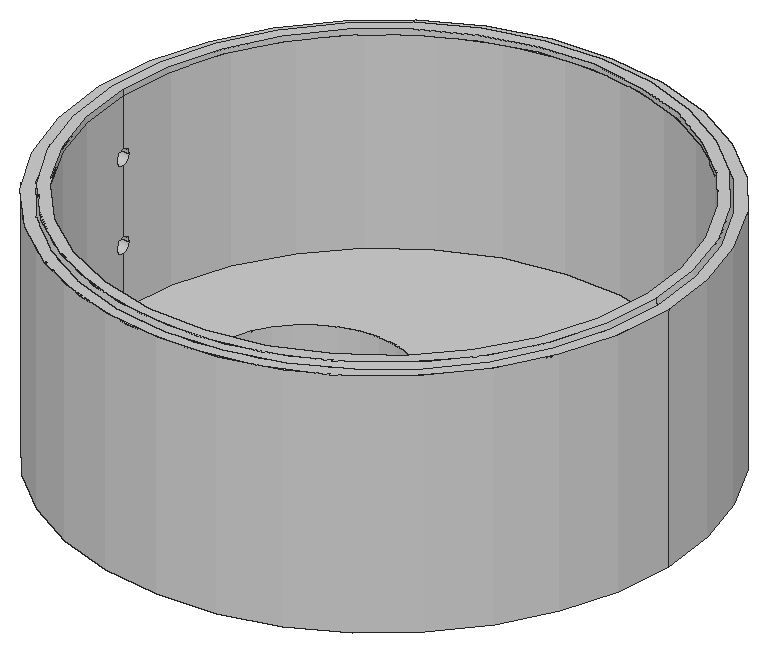
Revit family "KSPF.V 20.9", category Фундамент несущей конструкции, Revit 2025
Family settings
  Материал для поведения модели = Прочее
  Заглушка = Нет
  Номер OmniClass = 23.25.05.00
  Заголовок OmniClass = Foundations
  На основе рабочей плоскости = Нет
  Всегда вертикально = Да
  При загрузке вырезать с полостями = Нет
  Общий = Нет
  Показывать семейство разрезанным на планах = Да
Parameters
  Петля = Петля_П1_П2 : П2
Reference planes
  plane 1 "По центру (Вперед/Назад)": y = -35
  plane 2: z = 0
  plane 3 "По центру (Влево/Вправо)": x = 0
  plane 4: z = 910
  plane 5: z = 675
  plane 6: x = -1010
  plane 7: x = -1100
  plane 8: z = 370
  plane 9: x = -1090
  plane 10: x = 1010
  plane 11: x = 1100
  plane 12: x = 1090
  plane 13: x = -650
  plane 14: x = 50
  plane 15: x = -300
Forms (mm)
  Extrusion 1, solid, material "Бетон В15"
    sketch origin (0, 0, 0) x (1, 0, 0) y (0, 1, 0)
      loop
        circle (0, -35) r 1100
      loop
        circle (0, -35) r 1010
    from 0 to 890
  Extrusion 2, void
    sketch origin (0, 0, 0) x (0, 1, 0) y (0, 0, 1)
      loop
        circle (-35, 370) r 30
    from -1090 to 1090
  Extrusion 3, solid, material "Бетон В15"
    sketch origin (0, 0, 0) x (1, 0, 0) y (0, 1, 0)
      loop
        circle (0, -35) r 1010
      loop
        circle (-300, -35) r 350
    from 0 to 150
  Blend 4, solid, material "Бетон В15"
    base sketch origin (0, 0, 0) x (1, 0, 0) y (0, 1, 0)
      loop
        circle (0, -35) r 1057.35
    top sketch origin (0, 0, 0) x (1, 0, 0) y (0, 1, 0)
      loop
        circle (0, -35) r 1050
    from 890 to 910
  Extrusion 5, void
    sketch origin (0, 0, 0) x (1, 0, 0) y (0, 1, 0)
      loop
        circle (0, -35) r 1010
    from 890 to 910
  Extrusion 6, void
    sketch origin (0, 0, 305) x (0, 1, 0) y (0, 0, 1)
      loop
        circle (-35, 370) r 30
    from -1090 to 1090
Cuts and joins
  Extrusion 2, Extrusion 5, Extrusion 6 cuts Extrusion 1
  Extrusion 5, Extrusion 6 cuts Extrusion 3
  Extrusion 5, Extrusion 6 cuts Blend 4
  joined: Extrusion 1, Extrusion 3, Blend 4
Dimensions and locks
  plane 4 to level = 910 mm
  plane 8 to level = 370 mm
  plane 5 to plane 8 = 305 mm
  aligned and locked: plane 2 to level
